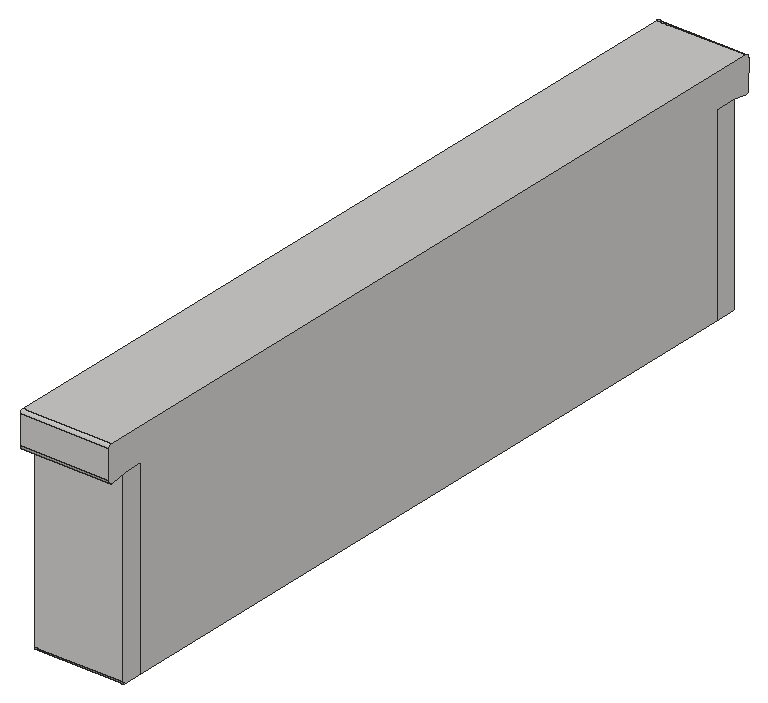
Revit family "QF_ELECTROLUXPROFESSIONAL_589150_MCNABAAOOO", category Specialty Equipment, Revit 2018
Family settings
  Round Connector Dimension = Use Diameter
  Part Type = Normal
  Work Plane-Based = No
  Always vertical = Yes
  Cut with Voids When Loaded = No
  Shared = No
  Room Calculation Point = No
Parameters
  Weight in Pounds = 33
  URL Cutsheet = "www.electrolux.com/professional"
  URL = "www.electrolux.com/professional"
  Type Mark [instance] = ""
  Status [instance] = ""
  Specification by User [instance] = ""
  Specification by Manufacturer = ""
  Serial Number = ""
  Seismic Rating = ""
  SMACNA No = ""
  Revision Code [instance] = ""
  Omniclass Number and Title = ""
  NAFEM Spec ID Number = ""
  Model = "589150"
  Masterspec = ""
  Manufacturer = "ELECTROLUX"
  Item Number [instance] = ""
  Installed By [instance] = ""
  Identify Quantity as Lot [instance] = yes
  Furnished By [instance] = ""
  Foodservice Equipment Identifier [instance] = yes
  Direct Waste Size = 0"
  Description = "WORK TOP,CLOSED,1-SIDE,100X900X250H"
  CSI MasterFormat = ""
  CSI Master Format = ""
Reference planes
  plane 1 "BACK": y = 0
  plane 2: z = 0
  plane 3 "LEFT": x = 0
  plane 4 "RIGHT": x = 100
  plane 5 "FRONT": y = -900
  plane 6 "TOP": z = 250
  plane 7 "Center Y": x = 50
  plane 8 "Center X": y = -450
Forms (mm)
  Extrusion 1, solid, material "QF_Finishes_Stainless Steel"
    sketch origin (0, 50.048, 0) x (0, 1, 0) y (0, 0, 1)
      loop
        line (-95.048, 213) -> (-71.412, 213) -> (-54.743, 210.061)
        arc (-54.743, 210.061) -> (-51.477, 210.936) -> (-50.048, 214) r 4
        line (-50.048, 214) -> (-50.048, 246)
        arc (-50.048, 246) -> (-51.22, 248.828) -> (-54.048, 250) r 4
        line (-54.048, 250) -> (-946.048, 250)
        arc (-946.048, 250) -> (-948.877, 248.828) -> (-950.048, 246) r 4
        line (-950.048, 246) -> (-950.048, 214)
        arc (-950.048, 214) -> (-948.619, 210.936) -> (-945.353, 210.061) r 4
        line (-945.353, 210.061) -> (-928.509, 213) -> (-905.048, 213) -> (-905.048, 0) -> (-95.048, 0) -> (-95.048, 213)
    from 0 to 100
  Extrusion 2, solid, material "QF_Finishes_Stainless Steel"
    sketch origin (0, 50.048, 0) x (0, 1, 0) y (0, 0, 1)
      loop
        arc (-928.048, 213) -> (-929.462, 212.414) -> (-930.048, 211) r 2
        line (-930.048, 211) -> (-930.048, 2)
        arc (-930.048, 2) -> (-929.462, 0.586) -> (-928.048, 0) r 2
        line (-928.048, 0) -> (-905.048, 0) -> (-905.048, 213) -> (-928.048, 213)
      loop
        line (-72.048, 213) -> (-95.048, 213) -> (-95.048, 0) -> (-72.048, 0)
        arc (-72.048, 0) -> (-70.634, 0.586) -> (-70.048, 2) r 2
        line (-70.048, 2) -> (-70.048, 211)
        arc (-70.048, 211) -> (-70.634, 212.414) -> (-72.048, 213) r 2
    from 0 to 100
Lines and regions (mm)
  symbolic lines
    curve 1: line (0, 0, 0) -> (100, 0, 0)
    curve 2: line (0, -900, 0) -> (0, 0, 0)
    curve 3: line (100, -900, 0) -> (0, -900, 0)
    curve 4: line (100, 0, 0) -> (100, -900, 0)
Dimensions and locks
  equal spacing: plane 3 "LEFT", plane 7 "Center Y", plane 4 "RIGHT"
  plane 3 "LEFT" to plane 4 "RIGHT" = 100.00 mm
  equal spacing: plane 5 "FRONT", plane 8 "Center X", plane 1 "BACK"
  plane 5 "FRONT" to plane 1 "BACK" = 900.00 mm
  plane 6 "TOP" to level = 250.00 mm
  aligned and locked: level to plane 2
  aligned and locked: Extrusion 1 to plane 4 "RIGHT"
  aligned and locked: Extrusion 2 to plane 4 "RIGHT"
Automatic sketch dimensions
  Extrusion 1 sketch curve to plane 6 "TOP" = 0.00 mm
  Extrusion 1 sketch curve to level = 0.00 mm
  Extrusion 1 sketch curve to plane 6 "TOP" = 36.00 mm
  plane 5 "FRONT" to Extrusion 1 sketch curve = 0.00 mm
  Extrusion 1 sketch curve to plane 6 "TOP" = 39.939 mm
  Extrusion 1 sketch curve to Extrusion 1 sketch curve = 4.00 mm
  Extrusion 1 sketch curve to Extrusion 1 sketch curve = 4.695 mm  (x2)
  Extrusion 1 sketch curve to Extrusion 1 sketch curve = 16.844 mm
  Extrusion 1 sketch curve to plane 5 "FRONT" = 45.00 mm
  plane 1 "BACK" to Extrusion 1 sketch curve = 45.00 mm
  Extrusion 1 sketch curve to Extrusion 1 sketch curve = 23.636 mm
  Extrusion 1 sketch curve to Extrusion 1 sketch curve = 17.364 mm
  Extrusion 1 sketch curve to Extrusion 1 sketch curve = 21.364 mm
  Extrusion 1 sketch curve to Extrusion 1 sketch curve = 0.00 mm  (x2)
  Extrusion 1 sketch curve to Extrusion 1 sketch curve = 0.695 mm
  Extrusion 1 sketch curve to plane 6 "TOP" = 37.00 mm  (x2)
  Extrusion 1 sketch curve to Extrusion 1 sketch curve = 1.00 mm
  Extrusion 2 sketch curve to level = 0.00 mm  (x2)
  level to Extrusion 2 sketch curve = 2.00 mm  (x2)
  Extrusion 2 sketch curve to plane 5 "FRONT" = 20.00 mm
  Extrusion 2 sketch curve to Extrusion 2 sketch curve = 2.00 mm
  Extrusion 2 sketch curve to Extrusion 2 sketch curve = 23.00 mm
  plane 1 "BACK" to Extrusion 2 sketch curve = 45.00 mm
  plane 1 "BACK" to Extrusion 2 sketch curve = 22.00 mm  (x2)
  Extrusion 2 sketch curve to plane 6 "TOP" = 39.00 mm  (x2)
  curve 3 to plane 3 "LEFT" = 0.00 mm
  curve 3 to plane 4 "RIGHT" = 0.00 mm
  plane 1 "BACK" to curve 2 = 0.00 mm
  curve 4 to plane 5 "FRONT" = 0.00 mm
